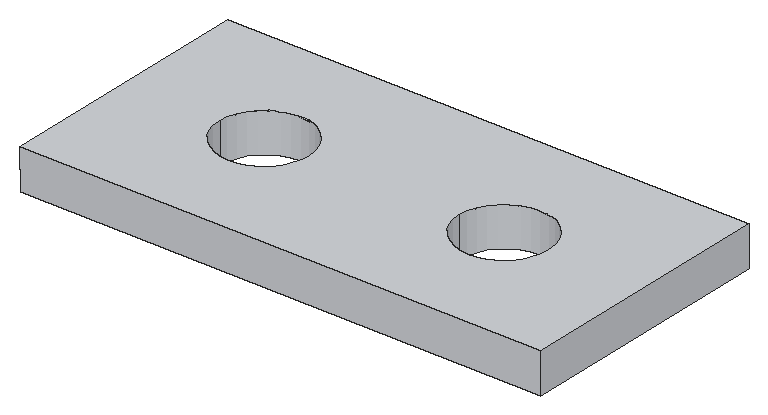
Revit family "Fitting-Flat_Plate-Unistrut-P1924", category Specialty Equipment, Revit 2012
Parameters (values of type "P1924")
  ecoScorecard_data = "http://products.ecoscorecard.com/atkore/P1924"
  ecoScorecard Product Page = "http://products.ecoscorecard.com/atkore/P1924?action=html"
  Weight Per Piece = 0.35 lbf
  Unit = none
  Unistrut Part Number = "P1924"  # constant formula
  URL = "http://unistrut.us/index.php"
  Thickness = 0' - 0 1/4"  # constant formula
  Subcategory = "Flat Plate Fittings"  # constant formula
  Product Page URL = "http://unistrut.us/index.php?WP=cat_detail&S=S05&P=P1924"
  Power Strut Part Number = "PS 620"  # constant formula
  Part Type = "Fitting"  # constant formula
  Overall Width = 0' - 1 5/8"  # constant formula
  Overall Length = 0' - 3 1/4"
  Model = "P1924"  # constant formula
  Material = ""
  Manufacturer Phone - Toll Free = "800-882-5543"  # constant formula
  Manufacturer Phone = "708-339-1610"  # constant formula
  Manufacturer Fax = "708-339-7814"  # constant formula
  Manufacturer Email = "mailto:jshaw@atkore.com"
  Manufacturer Address = "16100 South Lathrop Avenue, Harvey, IL 60426"  # constant formula
  Manufacturer = "Unistrut by Atkore International"  # constant formula
  Load Capacity Note = "Visit the product page for load application and capacity."  # constant formula
  Literature URL = "http://unistrut.us/index.php?WP=LItLibrary"
  Hole Diameter = 0' - 0 9/16"
  Cost Info = "mailto:jshaw@atkore.com"
  CAD URL = "http://unistrut.us/index.php?WP=CAD3d"
  Assembly Code = "D5020100"
  95 CSI = "16070"  # constant formula
  04 CSI = "26 05 48"  # constant formula
Reference planes (in)
  plane 1 "Center (Front/Back)": y = 0
  plane 2: z = 0
  plane 3 "Center (Left/Right)": x = 0
  plane 4: y = 0.8125
  plane 5: y = -0.8125
  plane 6: x = -1.625
  plane 7: x = 1.625
  plane 8: z = 0.25
  plane 9: x = 0.75
  plane 10: x = -0.75
Dimensions and locks (in)
  equal spacing: plane 6, plane 3 "Center (Left/Right)", plane 7
  "Overall Length": plane 6 to plane 7
  equal spacing: plane 4, plane 1 "Center (Front/Back)", plane 5
  "Overall Width": plane 4 to plane 5
  "Thickness": plane 8 to plane 2
  aligned and locked: level to plane 2
  aligned and locked: plane 3 "Center (Left/Right)" to nested 1
  aligned and locked: plane 1 "Center (Front/Back)" to nested 1
Nested families (in)
  nested 1: "1924" at (0, 0, 0), type "1924"
    with Length 0' - 3 1/4"
Definition of nested family "1924"
  Parameters (values of type "1924")
    Width = 0' - 1 5/8"
    Unit = none
    Thickness = 0' - 0 1/4"
    Radiuis = Diameter / 2  # 0' - 0 9/32"
    Length = 0' - 3 3/8"
    Diameter = 0' - 0 9/16"
    Default Elevation = 4' - 0"
  Reference planes (in)
    plane 1 "Center (Front/Back)": y = 0
    plane 2: z = 0
    plane 3 "Center (Left/Right)": x = 0
    plane 4: y = 0.8125
    plane 5: y = -0.8125
    plane 6: x = -1.6875
    plane 7: x = 1.6875
    plane 8: z = 0.25
    plane 9: x = -0.8125
    plane 10: x = 0.8125
    plane 11: z = 0.125
  Forms (in)
    Extrusion 1, solid, material <- "Unit"
      sketch origin (0, -0.8125, 0.125) x (1, 0, 0) y (0, 1, 0)
        loop
          line (-1.6875, 1.625) -> (-1.6875, 0) -> (1.6875, 0) -> (1.6875, 1.625) -> (-1.6875, 1.625)
        loop
          circle (-0.8125, 0.8125) r 0.28125
        loop
          circle (0.8125, 0.8125) r 0.28125
      from -0.125 to 0.125
  Dimensions and locks (in)
    equal spacing: plane 6, plane 3 "Center (Left/Right)", plane 7
    "Length": plane 6 to plane 7
    equal spacing: plane 4, plane 1 "Center (Front/Back)", plane 5
    "Width": plane 4 to plane 5
    "Thickness": plane 8 to plane 2
    equal spacing: plane 8, plane 11, plane 2
    locked: plane 9 to plane 6 at 0.875
    locked: plane 10 to plane 7 at 0.875
    equal spacing: plane 10, plane 3 "Center (Left/Right)", plane 9
    plane 9 to plane 10 = 0' - 1 5/8"
    "Radiuis": radius of Extrusion 1 sketch curve  (x2)
    aligned and locked: level to plane 2
    aligned and locked: Extrusion 1 sketch curve to plane 6
    aligned and locked: plane 7 to Extrusion 1 sketch curve
    aligned and locked: plane 9 to Extrusion 1 sketch curve
    aligned and locked: plane 10 to Extrusion 1 sketch curve
    aligned and locked: Extrusion 1 sketch curve to plane 4
    aligned and locked: plane 5 to Extrusion 1 sketch curve
  Automatic sketch dimensions
    plane 1 "Center (Front/Back)" to Extrusion 1 sketch curve = 0' - 0"  (x2)
    Extrusion 1 sketch curve to plane 9 = 0' - 0"
